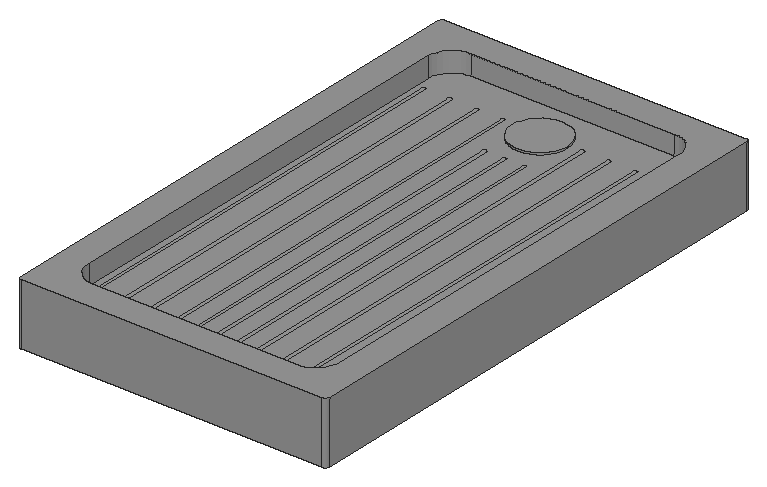
Revit family "RECEPTACULO ZEN 1200X700", category Plumbing Fixtures, Revit 2019
Family settings
  Round Connector Dimension = Use Diameter
  Part Type = Normal
  OmniClass Number = 23.45.00.00
  OmniClass Title = Sanitary, Laundry, and Cleaning Equipment
  Work Plane-Based = No
  Always vertical = Yes
  Cut with Voids When Loaded = No
  Shared = No
  Room Calculation Point = No
Reference planes
  plane 1 "Center (Front/Back)": y = 0
  plane 2: z = 0
  plane 3 "Center (Left/Right)": x = 0
Forms (mm)
  Extrusion 1, solid
    sketch origin (0, 0, 0) x (1, 0, 0) y (0, 1, 0)
      loop
        line (6.503, -292.5) -> (686.503, -292.5)
        arc (686.503, -292.5) -> (693.574, -289.571) -> (696.503, -282.5) r 10
        line (696.503, -282.5) -> (696.503, 897.5)
        arc (696.503, 897.5) -> (693.574, 904.571) -> (686.503, 907.5) r 10
        line (686.503, 907.5) -> (6.503, 907.5)
        arc (6.503, 907.5) -> (-0.568, 904.571) -> (-3.497, 897.5) r 10
        line (-3.497, 897.5) -> (-3.497, -282.5)
        arc (-3.497, -282.5) -> (-0.568, -289.571) -> (6.503, -292.5) r 10
    from 0 to 140
  Extrusion 2, void
    sketch origin (0, 0, 0) x (1, 0, 0) y (0, 1, 0)
      loop
        line (576.503, 842.5) -> (116.503, 842.5)
        arc (116.503, 842.5) -> (77.612, 826.391) -> (61.503, 787.5) r 55
        line (61.503, 787.5) -> (61.503, -172.5)
        arc (61.503, -172.5) -> (77.612, -211.391) -> (116.503, -227.5) r 55
        line (116.503, -227.5) -> (576.503, -227.5)
        arc (576.503, -227.5) -> (615.394, -211.391) -> (631.503, -172.5) r 55
        line (631.503, -172.5) -> (631.503, 787.5)
        arc (631.503, 787.5) -> (615.394, 826.391) -> (576.503, 842.5) r 55
    from 95 to 140
  Extrusion 3, solid
    sketch origin (0, 220, 0) x (1, 0, 0) y (0, 1, 0)
      loop
        circle (350, 525) r 62.5
    from 95 to 98.923
  Extrusion 4, solid
    sketch origin (0.277, 0, -15.528) x (1, 0, 0) y (0, 0, 1)
      loop
        arc (82.789, 110.528) -> (79.122, 112.128) -> (75.456, 110.528) r 5
        line (75.456, 110.528) -> (82.789, 110.528)
      loop
        line (135.456, 110.528) -> (142.789, 110.528)
        arc (142.789, 110.528) -> (139.122, 112.128) -> (135.456, 110.528) r 5
      loop
        line (195.456, 110.528) -> (202.789, 110.528)
        arc (202.789, 110.528) -> (199.122, 112.128) -> (195.456, 110.528) r 5
      loop
        line (255.456, 110.528) -> (262.789, 110.528)
        arc (262.789, 110.528) -> (259.122, 112.128) -> (255.456, 110.528) r 5
      loop
        line (435.456, 110.528) -> (442.789, 110.528)
        arc (442.789, 110.528) -> (439.122, 112.128) -> (435.456, 110.528) r 5
      loop
        line (495.456, 110.528) -> (502.789, 110.528)
        arc (502.789, 110.528) -> (499.122, 112.128) -> (495.456, 110.528) r 5
      loop
        line (555.456, 110.528) -> (562.789, 110.528)
        arc (562.789, 110.528) -> (559.122, 112.128) -> (555.456, 110.528) r 5
      loop
        line (615.456, 110.528) -> (622.789, 110.528)
        arc (622.789, 110.528) -> (619.122, 112.128) -> (615.456, 110.528) r 5
    from -754.88 to 178.644
  Extrusion 5, solid
    sketch origin (0.277, 0, -15.528) x (1, 0, 0) y (0, 0, 1)
      loop
        line (345.456, 110.528) -> (352.789, 110.528)
        arc (352.789, 110.528) -> (349.122, 112.128) -> (345.456, 110.528) r 5
      loop
        line (300.456, 110.528) -> (307.789, 110.528)
        arc (307.789, 110.528) -> (304.122, 112.128) -> (300.456, 110.528) r 5
      loop
        line (390.456, 110.528) -> (397.789, 110.528)
        arc (397.789, 110.528) -> (394.122, 112.128) -> (390.456, 110.528) r 5
    from -646.597 to 178.644
Cuts and joins
  Extrusion 2 cuts Extrusion 1
Dimensions and locks
  aligned and locked: level to plane 2
